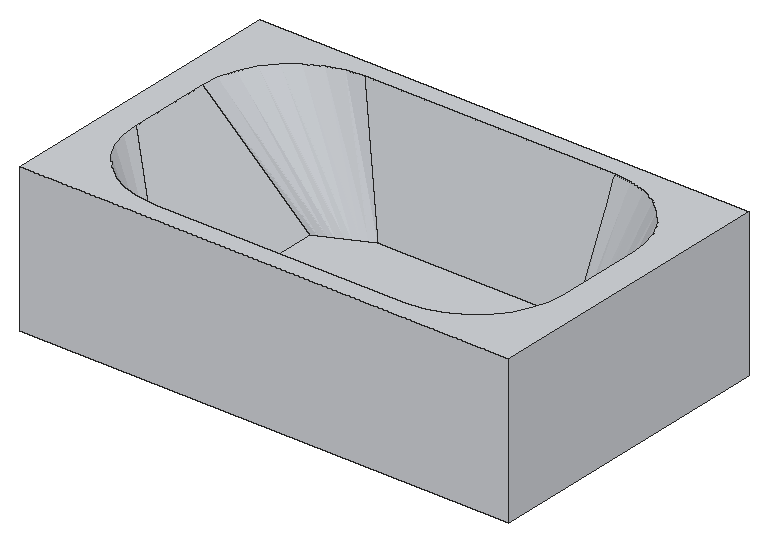
Revit family "M_Hidromassagem", category Peças hidrossanitárias, Revit 2019
Family settings
  Cota do conector redondo = Usar raio
  Tipo de parte = Normal
  Número OmniClass = 23.45.05.17.17
  Título OmniClass = Leisure Whirlpools
  ID de item do Seek = Whirlpool Spa-0000-CAN-ENU
  Com base no plano de trabalho = Não
  Sempre na vertical = Sim
  Corte com vazios quando carregada = Não
  Compartilhado = Não
  Ponto de cálculo do ambiente = Não
Parameters (values of type "1830 mmx1120 mm - Público")
  Largura 1 = 203 mm * sin(26.00°)  # 88.989 mm
  Largura da hidromassagem = 1120 mm
  Material da hidromassagem = none
  Comprimento da hidromassagem = 1830 mm
  Altura da hidromassagem = 550 mm
  WFU = 2
  Voltagem = 208 V
  Raio do sanitário = 20 mm
  Diâmetro do sanitário = Raio do sanitário * 2  # 40 mm
  Número de pólos = 3
  Classificação de carga = Eletrodoméstico - Unidade de interrupção
  Comprimento 1 = 203 mm * cos(26.00°)  # 182.455 mm
  Raio da água quente = 7.5 mm
  Diâmetro da água quente = Raio da água quente * 2  # 15 mm
  HWFU = 3
  Pressão do fluxo [instance] = 55158.0 Pa
  Raio da água gelada = 7.5 mm
  Diâmetro da água gelada = Raio da água gelada * 2  # 15 mm
  CWFU = 3
  Carga aparente = 875 VA
Types (3, lengths in mm): name | HWFU | CWFU
  (no name) | 3 | 3
  1830 mmx1120 mm - Privado | 1 | 1
  1830 mmx1120 mm - Público | 3 | 3
Reference planes
  plane 1 "Centro (Frente/Trás)": y = 0
  plane 2: z = 0
  plane 3 "Centro (Esquerda/Direita)": x = 0
  plane 4: y = 1120
  plane 5: x = 1830
  plane 6: z = 550
  plane 7: y = 1052.531
  plane 8: y = 67.469
  plane 9: x = 109.538
  plane 10: x = 1720.463
  plane 11: x = 365.919
  plane 12: x = 1464.081
  plane 13: x = 548.374
  plane 14: x = 1281.626
  plane 15: x = 446.088
  plane 16: x = 1383.913
  plane 17: x = 477.838
  plane 18: y = 985.856
  plane 19: y = 134.144
  plane 20: y = 896.867
  plane 21: y = 223.133
  plane 22: y = 715.981
  plane 23: y = 404.019
  plane 24: y = 556.419
  plane 25: z = 55.562
  plane 26: z = 62.706
  plane 27: y = 101.6
  plane 28: z = 101.6
  plane 29: y = 457.2
  plane 30: y = 660.4
  plane 31: z = 254
Forms (mm)
  Extrusion 1, solid, material <- "Material da hidromassagem"
    sketch origin (0, 0, 0) x (1, 0, 0) y (0, 1, 0)
      loop
        line (0, 1120) -> (0, 0) -> (1830, 0) -> (1830, 1120) -> (0, 1120)
    from 550 to 0
  Blend 2, void
    base sketch origin (0, 0, 0) x (1, 0, 0) y (0, 1, 0)
      loop
        line (548.374, 985.856) -> (365.919, 896.867) -> (365.919, 223.133) -> (548.374, 134.144) -> (1281.626, 134.144) -> (1464.081, 223.133) -> (1464.081, 896.867) -> (1281.626, 985.856) -> (548.374, 985.856)
    top sketch origin (0, 0, 0) x (1, 0, 0) y (0, 1, 0)
      loop
        line (1383.913, 1052.531) -> (446.088, 1052.531)
        arc (446.088, 1052.531) -> (208.111, 953.958) -> (109.538, 715.981) r 336.55
        line (109.538, 715.981) -> (109.538, 404.019)
        arc (109.538, 404.019) -> (208.111, 166.042) -> (446.088, 67.469) r 336.55
        line (446.088, 67.469) -> (1383.913, 67.469)
        arc (1383.913, 67.469) -> (1621.889, 166.042) -> (1720.463, 404.019) r 336.55
        line (1720.463, 404.019) -> (1720.463, 715.981)
        arc (1720.463, 715.981) -> (1621.889, 953.958) -> (1383.913, 1052.531) r 336.55
    from 55.562 to 550
  Extrusion 3, void
    sketch origin (0, 0, 0) x (1, 0, 0) y (0, 1, 0)
      loop
        circle (477.838, 556.419) r 20
    from 0 to 62.706
  Extrusion 4, solid, material <- "Material da hidromassagem"
    sketch origin (0, 0, 0) x (0, 1, 0) y (0, 0, 1)
      loop
        circle (660.4, 254) r 7.5
      loop
        circle (457.2, 254) r 7.5
      loop
        circle (101.6, 101.6) r 25.4
    from 109.537 to 0
  Extrusion 5, solid, material <- "Material da hidromassagem"
    sketch origin (0, 0, 0) x (1, 0, 0) y (0, 1, 0)
      loop
        circle (477.838, 556.419) r 20
    from 0 to 55.562
Cuts and joins
  Blend 2, Extrusion 3 cuts Extrusion 1
  joined: Extrusion 1, Extrusion 4
Lines and regions (mm)
  symbolic lines
    curve 1: line (0, 1120, 0) -> (1830, 1120, 0)
    curve 2: line (0, 0, 0) -> (0, 1120, 0)
    curve 3: line (1830, 0, 0) -> (0, 0, 0)
    curve 4: line (1830, 1120, 0) -> (1830, 0, 0)
    curve 5: line (446.088, 1052.531, 0) -> (1383.913, 1052.531, 0)
    curve 6: line (1720.463, 715.981, 0) -> (1720.463, 404.019, 0)
    curve 7: line (1383.913, 67.469, 0) -> (446.088, 67.469, 0)
    curve 8: line (109.538, 404.019, 0) -> (109.538, 715.981, 0)
    curve 9: arc (109.538, 715.981, 0) -> (208.111, 953.958, 0) -> (446.088, 1052.531, 0) r 336.55
    curve 10: arc (109.538, 404.019, 0) -> (208.111, 166.042, 0) -> (446.088, 67.469, 0) r 336.55
    curve 11: arc (1383.913, 67.469, 0) -> (1621.889, 166.042, 0) -> (1720.463, 404.019, 0) r 336.55
    curve 12: arc (1383.913, 1052.531, 0) -> (1621.889, 953.958, 0) -> (1720.463, 715.981, 0) r 336.55
    curve 13: circle (477.838, 556.419, 0) r 20 normal (0, 0, 1)
Dimensions and locks
  "Largura da hidromassagem": plane 1 "Centro (Frente/Trás)" to plane 4
  "Comprimento da hidromassagem": plane 3 "Centro (Esquerda/Direita)" to plane 5
  "Altura da hidromassagem": plane 6 to plane 2
  locked: plane 4 to plane 7 at 67.469
  locked: plane 1 "Centro (Frente/Trás)" to plane 8 at 67.469
  locked: plane 3 "Centro (Esquerda/Direita)" to plane 9 at 109.538
  locked: plane 10 to plane 5 at 109.538
  locked: plane 3 "Centro (Esquerda/Direita)" to plane 11 at 365.919
  locked: plane 12 to plane 5 at 365.919
  "Comprimento 1": plane 11 to plane 13
  "Comprimento 1": plane 14 to plane 12
  locked: plane 9 to plane 15 at 336.55
  locked: plane 16 to plane 10 at 336.55
  locked: plane 3 "Centro (Esquerda/Direita)" to plane 17 at 477.837
  locked: plane 4 to plane 18 at 134.144
  locked: plane 1 "Centro (Frente/Trás)" to plane 19 at 134.144
  "Largura 1": plane 18 to plane 20
  "Largura 1": plane 19 to plane 21
  locked: plane 7 to plane 22 at 336.55
  locked: plane 8 to plane 23 at 336.55
  locked: plane 24 to plane 1 "Centro (Frente/Trás)" at 556.419
  locked: plane 25 to plane 2 at 55.563
  locked: plane 26 to plane 25 at 7.144
  locked: plane 28 to plane 2 at 101.6
  locked: plane 27 to plane 1 "Centro (Frente/Trás)" at 101.6
  locked: plane 29 to plane 1 "Centro (Frente/Trás)" at 457.2
  locked: plane 30 to plane 1 "Centro (Frente/Trás)" at 660.4
  locked: plane 31 to plane 2 at 254
  "Raio do sanitário": radius of Extrusion 3 sketch curve
  "Raio da água gelada": radius of Extrusion 4 sketch curve
  "Raio da água quente": radius of Extrusion 4 sketch curve
  radius of Extrusion 4 sketch curve = 25.4 mm
  radius of curve 13 = 20 mm
  radius of Extrusion 5 sketch curve = 20 mm
  aligned and locked: plane 3 "Centro (Esquerda/Direita)" to Extrusion 1 sketch curve
  aligned and locked: Extrusion 1 sketch curve to plane 4
  aligned and locked: plane 1 "Centro (Frente/Trás)" to Extrusion 1 sketch curve
  aligned and locked: Extrusion 1 sketch curve to plane 5
  aligned and locked: plane 6 to Extrusion 1
  aligned and locked: Extrusion 1 to plane 2
  aligned and locked: Extrusion 1 to Blend 2
  aligned and locked: Blend 2 to plane 25
  aligned and locked: plane 17 to Extrusion 3 sketch curve
  aligned and locked: plane 24 to Extrusion 3 sketch curve
  aligned and locked: plane 26 to Extrusion 3
  aligned and locked: Extrusion 3 to plane 2
  aligned and locked: plane 29 to Extrusion 4 sketch curve
  aligned and locked: plane 31 to Extrusion 4 sketch curve  (x2)
  aligned and locked: plane 30 to Extrusion 4 sketch curve
  aligned and locked: Extrusion 4 to plane 9
  aligned and locked: Extrusion 4 to plane 3 "Centro (Esquerda/Direita)"
  aligned and locked: plane 27 to Extrusion 4 sketch curve
  aligned and locked: plane 28 to Extrusion 4 sketch curve
  aligned and locked: curve 1 to cut or joined group of Extrusion 1, Blend 2, Extrusion 3, Extrusion 4  (x2)
  aligned and locked: cut or joined group of Extrusion 1, Blend 2, Extrusion 3, Extrusion 4 to curve 4
  aligned and locked: curve 4 to cut or joined group of Extrusion 1, Blend 2, Extrusion 3, Extrusion 4
  aligned and locked: plane 17 to curve 13
  aligned and locked: plane 24 to curve 13
  aligned and locked: plane 24 to Extrusion 5 sketch curve
  aligned and locked: plane 17 to Extrusion 5 sketch curve
  aligned and locked: Extrusion 5 to plane 2
  aligned and locked: plane 25 to Extrusion 5
Automatic sketch dimensions
  Blend 2 sketch curve to plane 11 = 0 mm
  Blend 2 sketch curve to plane 13 = 0 mm  (x2)
  Blend 2 sketch curve to plane 14 = 0 mm  (x2)
  Blend 2 sketch curve to plane 12 = 0 mm
  Blend 2 sketch curve to plane 19 = 0 mm
  Blend 2 sketch curve to plane 21 = 0 mm  (x2)
  Blend 2 sketch curve to plane 20 = 0 mm  (x2)
  Blend 2 sketch curve to plane 18 = 0 mm
  Blend 2 sketch curve to plane 9 = 0 mm
  Blend 2 sketch curve to plane 15 = 0 mm  (x2)
  Blend 2 sketch curve to plane 8 = 0 mm
  Blend 2 sketch curve to plane 16 = 0 mm  (x2)
  Blend 2 sketch curve to plane 10 = 0 mm
  Blend 2 sketch curve to plane 22 = 0 mm
  curve 9 to plane 9 = 0 mm
  curve 5 to plane 7 = 0 mm
  curve 5 to plane 15 = 0 mm
  curve 10 to plane 8 = 0 mm
  curve 10 to plane 15 = 0 mm
  curve 12 to plane 16 = 0 mm
  curve 7 to plane 16 = 0 mm
  curve 6 to plane 10 = 0 mm
Connectors
  piping at (0, 660.4, 254), diameter 15, driven by "CWFU", driven by "Pressão do fluxo", driven by "Raio da água gelada"
    settings: on Extrusion 4, index 1, connector inside diameter 15 mm, connector length 0 mm, flow factor 0, pipe flow 0.0 L/s, pressure drop 55158.0 Pa, fitting loss kfactor 0, connector angle 0.00°, fixture units 3, engagement length 0 mm, angle of deflection 0.00°, flow configuration 3, flow direction 1, fitting loss method 4, system type 20, joint type 0, gender type 0, connector reference index -1, connector utility 0, adjustable connector no, is connector primary yes, connector description "In"
  piping at (0, 457.2, 254), diameter 15, driven by "Raio da água quente", driven by "HWFU", driven by "Pressão do fluxo"
    settings: on Extrusion 4, index 2, connector inside diameter 15 mm, connector length 0 mm, flow factor 0, pipe flow 0.0 L/s, pressure drop 55158.0 Pa, fitting loss kfactor 0, connector angle 0.00°, fixture units 3, engagement length 0 mm, angle of deflection 0.00°, flow configuration 3, flow direction 1, fitting loss method 4, system type 19, joint type 0, gender type 0, connector reference index -1, connector utility 0, adjustable connector no, is connector primary no, connector description "In"
  piping at (477.838, 556.419, 0), diameter 40, driven by "Raio do sanitário", driven by "WFU"
    settings: on cut or joined group of Extrusion 1, Blend 2, Extrusion 3, Extrusion 4, index 3, connector inside diameter 40 mm, connector length 0 mm, flow factor 0, pipe flow 0.0 L/s, pressure drop 0.0 Pa, fitting loss kfactor 0, connector angle 0.00°, fixture units 2, engagement length 0 mm, angle of deflection 0.00°, flow configuration 3, flow direction 2, fitting loss method 0, system type 16, joint type 0, gender type 0, connector reference index -1, connector utility 0, adjustable connector no, is connector primary no, connector description "Saída"
  electrical at (0, 101.6, 101.6), driven by "Número de pólos", driven by "Voltagem", driven by "Carga aparente", driven by "Classificação de carga"
    settings: on Extrusion 4, index 4, voltage 208 V, apparent load 875 VA, apparent load phase1 0 VA, apparent load phase2 0 VA, apparent load phase3 0 VA, power factor 0.8, load classification "Eletrodoméstico - Unidade de interrupção", number of poles 3, system type 30, power factor state 1, is connector primary yes, connector utility no, sub classification motor no, connector description ""
